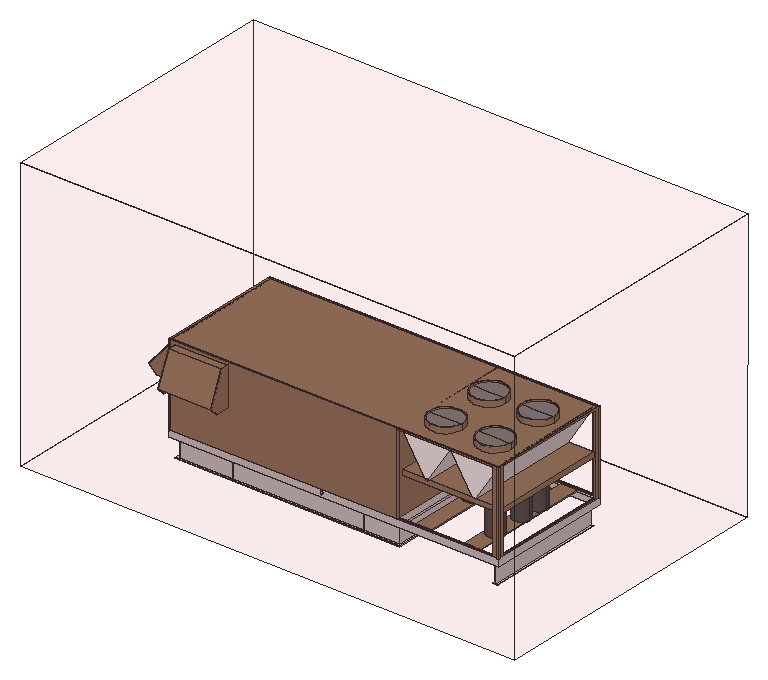
Revit family
Parameters (values of type "25 Ton - D - C - X - 208V")
  Width = 92"  # constant formula
  Water Supply Flow = 0 GPM
  Water Heating Pressure Drop [instance] = 0.00 psi
  Voltage = 208 V
  URL = "www.johnsoncontrols.com"
  Temperature Rise Range [instance] = 0 °F
  Supply Fan HP = 0 VA
  Supply Fan Full Load Current = 0 A
  Supply Air Connection Width = 71 39/64"  # constant formula
  Supply Air Connection Height = 26"  # constant formula
  Supply Air Connection Description = "Supply Air"  # constant formula
  Steam Outlet Connector Description = "Steam Out"  # constant formula
  Steam Inlet Connector Description = "Steam In"  # constant formula
  Steam Connection Diameter = 2"  # constant formula
  Steady State Efficiency [instance] = 0
  Static Resistance [instance] = 0
  Serial Number [instance] = ""
  Seasonal Energy Efficiency Rating [instance] = 0
  Right Screen Detail Width = Width - 8"  # 84"
  Return Air Dry Bulb Temperature [instance] = 68 °F
  Return Air Connection Width = 76 3/8"  # constant formula
  Return Air Connection Height = 24 115/128"  # constant formula
  Return Air Connection Description = "Return Air"  # constant formula
  Refrigerant Used = "R-410A"  # constant formula
  Refrigerant Charge System Two = 12.00 lbf
  Refrigerant Charge System Three = 10.00 lbf
  Refrigerant Charge System One = 12.00 lbf
  Refrigerant Charge System Four = 10.00 lbf
  Product Page URL = "http://www.johnsoncontrols.com/publish/us/en/products/building_efficiency/integrated_hvac_systems/Industrial___Commercial_HVAC_Equipment/single-package_units/series_40.html"
  Product Documentation Link = "http://www.johnsoncontrols.com/publish/etc/medialib/jci/be/commercial/products/industrial___commercial/single-package_units.Par.8585.File.dat/series%2040%20-V%20series.pdf"
  Power Supply Connection Diameter = 3 5/8"  # constant formula
  Power Front Connection Diameter = 2 1/2"  # constant formula
  Power Factor = 1  # constant formula
  Power Exhaust [instance] = yes
  Power Convenience Outlet [instance] = no
  Power Connector Description = "Equipment Power"  # constant formula
  Outdoor Ambient Temperature [instance] = 75 °F
  Outdoor Air Wet Bulb Temperature [instance] = 57 °F
  Operating Weight = 4410.00 lbf
  OmniClass Title = "Packaged Rooftop Air Conditioning Units"  # constant formula
  OmniClass Number = "23.75.10.24.21.27.14"  # constant formula
  Number of Poles = 3
  Nominal Cooling Capacity = 0.0 ton
  Model = "V32DX"
  Maximum Overcurrent Protection = 0 A
  Manufacturer = "Johnson Controls, Inc."  # constant formula
  Length = 240"  # constant formula
  Keynote = "15700"
  Integrated Part Load Value = 0
  Hot Gas By Pass [instance] = no
  Height = 64"  # constant formula
  Steam Connection Radius = Steam Connection Diameter / 2  # 1"
  Heating Coil Size = "22.5\" x 65\""
  Heating Coil Row Count = 2
  Heating Coil Fin Density per Inch = 16  # constant formula
  Power Front Connection Radius = Power Front Connection Diameter / 2  # 1 1/4"
  Frame Material = Metal - JCI - Steel - Galvanized With Wood Nailer
  Frame Finish = Paint - JCI - Powder Coated - Champagne
  Filter Type = "2\" TA"
  Filter Size and Quantity = "4 / 16 x 25 & 6 / 20 x 25"  # constant formula
  Family Revision Date = "06/18/2010"  # constant formula
  Exhaust Fan Type = "FC"  # constant formula
  Exhaust Fan Quantity = 1
  Exhaust Fan HP [instance] = 0 VA
  Exhaust Fan Drive = "Belt Drive"
  Exhaust Air Flow = 0 CFM
  Exhaust Air Blower Full Load Current = 0 A
  Evaporator Coil Row Count = 3
  Evaporator Coil Fins per Inch = 16  # constant formula
  Evaporator Coil Face Area = 26.00 SF
  Economizer Damper Hood Right [instance] = not(Economizer Damper Hood Left)  # yes
  Door Screen Detail Height = Height - 5 5/8"  # 58 3/8"
  External Static Pressure [instance] = 0.00 in-wg
  Energy Efficiency Rating = 10.5
  Economizer Damper Hood Left [instance] = no
  Design Supply Air Flow [instance] = 0 CFM
  Description = "Air Handling Unit, Commercial Comfort Systems, Series 40, Cooling And Steam Water Heating-End Return And Bottom Supply - 25 to 40 Ton Unit"  # constant formula
  Curb Width = 87"  # constant formula
  Curb Thicknes = 2"  # constant formula
  Curb Metal Gauge = 1/8"  # constant formula
  Curb Length = 235"  # constant formula
  Curb Height = 14"
  Curb Material = Metal - JCI - Steel - Galvanized With Wood Nailer
  Curb Exists [instance] = yes
  Copyright © = "Copyright © 2001-2009 Johnson Controls"  # constant formula
  Convenience Outlet Voltage [instance] = if(Power Convenience Outlet, 115 V, 0 V)  # 0 V
  Convenience Outlet Full Load Current = 0 A
  Convenience Outlet Connection Description [instance] = if(Power Convenience Outlet, "Convenience Electrical Connection", "Disable")  # "Disable"
  Condenser Fan Quantity = 1
  Condenser Fan HP = 0 VA
  Condenser Fan Full Load Current = 0 A
  Condenser Fan Drive Type = "Belt Drive"
  Condenser Fan Diameter = 24"
  Condenser Coils Fins per Inch = 16  # constant formula
  Condenser Coil Rows = 2
  Condenser Coil Material = Metal - JCI - Aluminum - Perforated - Micro Channel
  Condensate Drain Flow [instance] = 0 GPM
  Condensate Drain Connection Radius = Condensate Drain Connection Diameter / 2  # 3/4"
  Condensate Drain Connection Diameter = 1 1/2"  # constant formula
  Condensate Drain Connection Description = "Condensate Drain Connection"  # constant formula
  Compressor Type = "Scroll"  # constant formula
  Compressor Size = "5.7 Tons"
  Compressor Running Load Current = 0 A
  Compressor Quantity = 4
  Compressor Maximum Continuous Current = 0 A
  Compressor Material = Metal - JCI - Cast Iron - Coated Black
  Compressor Locked Rotor Current = 0 A
  Clearance Top = 120"
  Clearance Right = 60"
  Clearance Left = 60"
  Clearance Front = 60"
  Clearance Bottom [instance] = if(Curb Exists, CTRL Curb Height, 0")  # 14"
  Clearance Back = 60"
  Clearance [instance] = Include Clearance : Include Clearance
  Power Supply Connection Radius = Power Supply Connection Diameter / 2  # 1 13/16"
  CTRL Curb Height [instance] = if(Curb Exists, if(Curb Height < 9", 8", 14"), 0")  # 14"
  Assembly Code = "D3050200"
  Actual Supply Air Flow [instance] = 0 CFM
  Actual Return Air Flow [instance] = 0 CFM
  Actual Evaporator Supply Flow = 0 GPM
  Actual Evaporator Return Flow = 0 GPM
Reference planes (in)
  plane 1 "Center (Front/Back)": y = 0
  plane 2 "Curb Bottom": z = 0
  plane 3 "Center (Left/Right)": x = 0
  plane 4 "Curb Left": x = -117.5
  plane 5 "Curb Right": x = 117.5
  plane 6 "Curb Front": y = -43.5
  plane 7 "Curb Back": y = 43.5
  plane 8 "Return Air Left": x = -115.5
  plane 9 "Right Rail Center L/R": x = 115.5
  plane 10 "Curb Front Inset": y = -41.5
  plane 11 "Curb Back Inset": y = 41.5
  plane 12 "Curb Top": z = 14
  plane 13 "Curb Top Offset": z = 12.5
  plane 14 "Return Air Right": x = -76.91016
  plane 15 "Return Air Right Inset": x = -74.91016
  plane 16 "Supply Air Left": x = 18.17984
  plane 17 "Supply Air Right'": x = 44.17984
  plane 18 "Supply Air Right Offset": x = 46.17984
  plane 19 "Supply Air Left Offset": x = 16.17984
  plane 20 "Supply Air Front": y = -30.10938
  plane 21 "Supply Air Front Offset": y = -32.10938
  plane 22 "Right Rail Left": x = 113.5
  plane 23 "Right": x = 120
  plane 24 "Left": x = -120
  plane 25 "Back": y = 46
  plane 26 "Front": y = -46
  plane 27 "Center of Drain Connection L/R": x = -39.07
  plane 28 "Top of Base": z = 18.625
  plane 29 "Drain Center T/B": z = 16.3125
  plane 30 "Drain Back": y = 47
  plane 31 "Flanged Drain Left": x = -42.195
  plane 32 "Flanged Drain Right": x = -35.945
  plane 33 "Center of Electrical Connection L/R": x = -8.5
  plane 34 "Center of Electrical Connection F/B": y = -39.54
  plane 35 "Center of Connection Holes T/B": z = 17.0625
  plane 36 "Return Air Bottom": z = 20.25
  plane 37 "Center (Elevation)": z = 46
  plane 38 "Top Inset": z = 77.5
  plane 39 "Top": z = 78
  plane 40 "Top of Economizer Rain Hood": z = 76
  plane 41 "Condenser Fans Right": x = 99.66996
  plane 42 "Condenser Fans Center L/R": x = 81.83992
  plane 43 "Condenser Fans Left": x = 64.00988
  plane 44 "Condenser Fans Back": y = 15.33333
  plane 45 "Condenser Fans Front": y = -23.97667
  plane 46 "Water Outlet Center L/R": x = 41.62984
  plane 47 "Water Outlet Center F/B": y = -37.62
  plane 48 "Steam Inlet Center F/B": y = -38
  plane 49 "Steam Inlet Center L/R": x = 27.17984
  plane 50 "Return Air Top": z = 45.14844
  plane 51 "Return Air Back": y = 38.1875
  plane 52 "Return Air Front": y = -38.1875
  plane 53 "Power Convenience Outlet Center L/R": x = -14.5
  plane 54 "Power Convenience Outlet Right": x = -13.75
  plane 55 "Power Convenience Outlet Left": x = -15.25
  plane 56 "Power Convenience Outlet Bottom": z = 16.0625
  plane 57 "Power Convenience Outlet Top": z = 18.0625
  plane 58 "Power Convenience Outlet Front": y = -46.75
  plane 59 "Supply Center": x = 31.17219
  plane 60 "Supply Middle": y = 5.69027
  plane 61 "Return Center": z = 32.69922
Forms (in)
  Sweep 1, solid, material "Metal - JCI - Steel - Galvanized With Wood Nailer" <- "Curb Material", visible <- "Curb Exists", detail levels fine
    path origin (0, 0, 0) x (1, 0, 0) y (0, 1, 0)
      loop
        line (-115.5, 41.5) -> (-115.5, -41.5) -> (44.17984, -41.5) -> (44.17984, 41.5) -> (-115.5, 41.5)
    profile origin (-35.66008, 41.5, 0) x (0, 1, 0) y (0, 0, 1)
      loop
        line (0, 0) -> (2, 0) -> (2, 0.125) -> (0.125, 0.125) -> (0.125, 13.875) -> (1.875, 13.875) -> (1.875, 12.5) -> (2, 12.5) -> (2, 14) -> (0, 14) -> (0, 0)
  Extrusion 2, solid, material "Metal - JCI - Steel - Galvanized With Wood Nailer" <- "Curb Material", visible <- "Curb Exists", detail levels fine
    sketch origin (0, 0, 0) x (1, 0, 0) y (0, 0, 1)
      loop
        line (16.17984, 12.5) -> (16.30484, 12.5) -> (16.30484, 13.875) -> (18.05484, 13.875) -> (18.05484, 0.125) -> (16.17984, 0.125) -> (16.17984, 0) -> (18.17984, 0) -> (18.17984, 14) -> (16.17984, 14) -> (16.17984, 12.5)
      loop
        line (-74.91016, 12.5) -> (-74.91016, 14) -> (-76.91016, 14) -> (-76.91016, 0) -> (-74.91016, 0) -> (-74.91016, 0.125) -> (-76.78516, 0.125) -> (-76.78516, 13.875) -> (-75.03516, 13.875) -> (-75.03516, 12.5) -> (-74.91016, 12.5)
    from -41.5 to 41.5
  Extrusion 3, solid, material "Metal - JCI - Steel - Galvanized With Wood Nailer" <- "Curb Material", visible <- "Curb Exists", detail levels fine
    sketch origin (0, 0, 0) x (0, 1, 0) y (0, 0, 1)
      loop
        line (-32.10938, 0.125) -> (-32.10938, 0) -> (-30.10938, 0) -> (-30.10938, 14) -> (-32.10938, 14) -> (-32.10938, 12.5) -> (-31.98438, 12.5) -> (-31.98438, 13.875) -> (-30.23438, 13.875) -> (-30.23438, 0.125) -> (-32.10938, 0.125)
    from 18.17984 to 44.17984
  Extrusion 4, solid, material "Metal - JCI - Steel - Galvanized With Wood Nailer" <- "Curb Material", visible <- "Curb Exists", detail levels fine
    sketch origin (0, 0, 0) x (1, 0, 0) y (0, 0, 1)
      loop
        line (113.5, 0.125) -> (113.5, 0) -> (117.5, 0) -> (117.5, 0.125) -> (115.625, 0.125) -> (115.625, 13.875) -> (117.375, 13.875) -> (117.375, 12.5) -> (117.5, 12.5) -> (117.5, 14) -> (113.5, 14) -> (113.5, 12.5) -> (113.625, 12.5) -> (113.625, 13.875) -> (115.375, 13.875) -> (115.375, 0.125) -> (113.5, 0.125)
    from -43.5 to 43.5
  Extrusion 5, solid, material "Metal - JCI - Steel - Galvanized With Wood Nailer" <- "Curb Material", visible <- "Curb Exists", detail levels medium
    sketch origin (0, 0, 12.5) x (-1, 0, 0) y (0, -1, 0)
      loop
        line (117.5, -43.5) -> (117.5, 43.5) -> (-46.17984, 43.5) -> (-46.17984, -43.5) -> (117.5, -43.5)
      loop
        line (-113.5, -43.5) -> (-113.5, 43.5) -> (-117.5, 43.5) -> (-117.5, -43.5) -> (-113.5, -43.5)
    from -12.5 to 1.5
  Revolve 6, solid, material "Metal - JCI - Steel - Galvanized With Wood Nailer" <- "Curb Material", detail levels medium+fine
    sketch origin (0, 0, 16.3125) x (-1, 0, 0) y (0, -1, 0)
      loop
        line (39.07, -47) -> (39.07, -46) -> (38.32, -46) -> (38.32, -47) -> (39.07, -47)
      axis (39.07, -46) -> (39.07, -47)
    angle from 0 to 360
  Extrusion 7, solid, material "Metal - JCI - Steel - Galvanized With Wood Nailer" <- "Curb Material", detail levels medium+fine
    sketch origin (0, -43.5, 0) x (-1, 0, 0) y (0, 0, 1)
      loop
        line (42.195, 18.625) -> (35.945, 18.625) -> (35.945, 14) -> (42.195, 14) -> (42.195, 18.625)
      loop
        circle (39.07, 16.3125) r 0.75
    from 89.5 to 89.57955
  Extrusion 8, void
    sketch origin (0, -43.5, 0) x (-1, 0, 0) y (0, 0, 1)
      loop
        circle (8.5, 17.0625) r 1.25
    from -2.5 to 3.96
  Extrusion 9, void
    sketch origin (0, 0, 16.3125) x (-1, 0, 0) y (0, -1, 0)
      loop
        line (-18.17984, -41.5) -> (-18.17984, 30.10938) -> (-44.17984, 30.10938) -> (-44.17984, -41.5) -> (-18.17984, -41.5)
    from -3.8125 to -2.3125
  Extrusion 10, void
    sketch origin (0, 0, 16.3125) x (-1, 0, 0) y (0, -1, 0)
      loop
        circle (-27.17984, 38) r 1
    from -3.8125 to 2.3125
  Extrusion 11, void
    sketch origin (0, 0, 16.3125) x (-1, 0, 0) y (0, -1, 0)
      loop
        circle (-41.62984, 37.62) r 1
    from -3.8125 to 2.3125
  Extrusion 12, void
    sketch origin (0, 0, 0) x (0, 1, 0) y (0, 0, 1)
      loop
        line (38.1875, 45.14844) -> (-38.1875, 45.14844) -> (-38.1875, 20.25) -> (38.1875, 20.25) -> (38.1875, 45.14844)
    from -120 to -117.5
  Extrusion 13, solid, material "Metal - JCI - Steel - Galvanized With Wood Nailer" <- "Frame Material", visible <- "Power Convenience Outlet", detail levels medium+fine
    sketch origin (0, -43.5, 0) x (-1, 0, 0) y (0, 0, 1)
      loop
        line (15.25, 18.0625) -> (13.75, 18.0625) -> (13.75, 16.0625) -> (15.25, 16.0625) -> (15.25, 18.0625)
    from -3.25 to -2.5
Lines and regions (in)
  Masking region 1
    outline origin (0, 0, 0) x (1, 0, 0) y (0, 0, 1)
      loop
        line (113.5, 14) -> (113.5, 0) -> (117.5, 0) -> (117.5, 14) -> (113.5, 14)
      loop
        line (-117.5, 14) -> (-117.5, 0) -> (46.17984, 0) -> (46.17984, 14) -> (-117.5, 14)
  Masking region 2
    outline origin (0, 0, 0) x (0, 1, 0) y (0, 0, 1)
      loop
        line (-43.5, 14) -> (-43.5, 0) -> (43.5, 0) -> (43.5, 14) -> (-43.5, 14)
  Masking region 3, visible <- "Power Convenience Outlet", detail levels medium+fine
    outline origin (-14.5, 0, 0) x (0, -1, 0) y (0, 0, 1)
      loop
        line (46.75, 18.0625) -> (46, 18.0625) -> (46, 16.0625) -> (46.75, 16.0625) -> (46.75, 18.0625)
  Masking region 4, visible <- "Power Convenience Outlet"
    outline origin (0, -46, 0) x (-1, 0, 0) y (0, 0, 1)
      loop
        line (15.25, 18.0625) -> (13.75, 18.0625) -> (13.75, 16.0625) -> (15.25, 16.0625) -> (15.25, 18.0625)
  Masking region 5, detail levels medium+fine
    outline origin (-39.07, 0, 0) x (0, -1, 0) y (0, 0, 1)
      loop
        line (-46, 17.0625) -> (-47, 17.0625) -> (-47, 15.5625) -> (-46, 15.5625) -> (-46, 17.0625)
  Masking region 6, detail levels medium+fine
    outline origin (0, 0, 17.0625) x (-1, 0, 0) y (0, -1, 0)
      loop
        line (39.82, -47) -> (39.82, -46) -> (38.32, -46) -> (38.32, -47) -> (39.82, -47)
  model lines, style "Roof Curv", visible <- "Curb Exists", detail levels coarse
    curve 1: line (-117.5, 43.5, 0) -> (46.17984, 43.5, 0)
    curve 2: line (-117.5, 43.5, 0) -> (-117.5, -43.5, 0)
    curve 3: line (-117.5, -43.5, 0) -> (46.17984, -43.5, 0)
    curve 4: line (46.17984, 43.5, 0) -> (46.17984, -43.5, 0)
    curve 5: line (115.5, 43.5, 0) -> (115.5, -43.5, 0)
    curve 6: line (-117.5, 43.5, 14) -> (46.17984, 43.5, 14)
    curve 7: line (-117.5, -43.5, 14) -> (46.17984, -43.5, 14)
    curve 8: line (46.17984, 43.5, 14) -> (46.17984, -43.5, 14)
    curve 9: line (-117.5, 43.5, 14) -> (-117.5, -43.5, 14)
    curve 10: line (115.5, 43.5, 14) -> (115.5, -43.5, 14)
    curve 11: line (113.5, -43.5, 14) -> (117.5, -43.5, 14)
    curve 12: line (113.5, 43.5, 14) -> (117.5, 43.5, 14)
    curve 13: line (113.5, 43.5, 0) -> (117.5, 43.5, 0)
    curve 14: line (113.5, -43.5, 0) -> (117.5, -43.5, 0)
    curve 15: line (117.5, 43.5, 14) -> (117.5, 43.5, 12.5)
    curve 16: line (113.5, 43.5, 14) -> (113.5, 43.5, 12.5)
    curve 17: line (115.5, 43.5, 14) -> (115.5, 43.5, 0)
    curve 18: line (113.5, -43.5, 14) -> (113.5, -43.5, 12.5)
    curve 19: line (117.5, -43.5, 14) -> (117.5, -43.5, 12.5)
    curve 20: line (115.5, -43.5, 14) -> (115.5, -43.5, 0)
    curve 21: line (113.5, 43.5, 0) -> (113.5, -43.5, 0)
    curve 22: line (117.5, 43.5, 0) -> (117.5, -43.5, 0)
    curve 23: line (113.5, 43.5, 14) -> (113.5, -43.5, 14)
    curve 24: line (117.5, 43.5, 14) -> (117.5, -43.5, 14)
    curve 25: line (117.5, 43.5, 12.5) -> (117.5, -43.5, 12.5)
    curve 26: line (113.5, -43.5, 12.5) -> (113.5, 43.5, 12.5)
    curve 27: line (44.17984, 41.5, 14) -> (44.17984, 41.5, 0)
    curve 28: line (-115.5, 41.5, 14) -> (-115.5, 41.5, 0)
    curve 29: line (-115.5, -41.5, 14) -> (-115.5, -41.5, 0)
    curve 30: line (44.17984, -41.5, 14) -> (44.17984, -41.5, 0)
    curve 31: line (-115.5, 41.5, 0) -> (44.17984, 41.5, 0)
    curve 32: line (-115.5, -41.5, 0) -> (44.17984, -41.5, 0)
    curve 33: line (44.17984, 41.5, 0) -> (44.17984, -41.5, 0)
    curve 34: line (-115.5, 41.5, 0) -> (-115.5, -41.5, 0)
    curve 35: line (-115.5, 41.5, 14) -> (44.17984, 41.5, 14)
    curve 36: line (44.17984, 41.5, 14) -> (44.17984, -41.5, 14)
    curve 37: line (44.17984, -41.5, 14) -> (-115.5, -41.5, 14)
    curve 38: line (-115.5, -41.5, 14) -> (-115.5, 41.5, 14)
    curve 39: line (-117.5, 43.5, 14) -> (-115.5, 41.5, 14)
    curve 40: line (-117.5, -43.5, 14) -> (-115.5, -41.5, 14)
    curve 41: line (44.17984, -41.5, 14) -> (46.17984, -43.5, 14)
    curve 42: line (44.17984, 41.5, 14) -> (46.17984, 43.5, 14)
    curve 43: line (44.17984, 41.5, 0) -> (46.17984, 43.5, 0)
    curve 44: line (44.17984, -41.5, 0) -> (46.17984, -43.5, 0)
    curve 45: line (-115.5, -41.5, 0) -> (-117.5, -43.5, 0)
    curve 46: line (-115.5, 41.5, 0) -> (-117.5, 43.5, 0)
    curve 47: line (-117.5, 43.5, 14) -> (-117.5, 43.5, 12.5)
    curve 48: line (46.17984, 43.5, 14) -> (46.17984, 43.5, 12.5)
    curve 49: line (-117.5, -43.5, 14) -> (-117.5, -43.5, 12.5)
    curve 50: line (46.17984, -43.5, 14) -> (46.17984, -43.5, 12.5)
    curve 51: line (-117.5, 43.5, 12.5) -> (46.17984, 43.5, 12.5)
    curve 52: line (-117.5, -43.5, 12.5) -> (-117.5, 43.5, 12.5)
    curve 53: line (46.17984, -43.5, 12.5) -> (-117.5, -43.5, 12.5)
    curve 54: line (46.17984, 43.5, 12.5) -> (46.17984, -43.5, 12.5)
  model lines, style "Roof Curv", detail levels coarse
    curve 55: line (-39.07, 46, 16.3125) -> (-39.07, 47, 16.3125)
  symbolic lines, style "Roof Curv", detail levels coarse
    curve 56: line (-39.07, 46, 16.3125) -> (-39.07, 47, 16.3125)
    curve 57: line (-39.07, 46, 16.3125) -> (-39.07, 47, 16.3125)
  model lines, style "Frame Unit", visible <- "Power Convenience Outlet", detail levels coarse
    curve 58: line (-14.5, -46.75, 17.0625) -> (-14.5, -46, 17.0625)
    curve 60: line (-15.25, -46, 18.0625) -> (-13.75, -46, 18.0625)
    curve 61: line (-13.75, -46, 18.0625) -> (-13.75, -46, 16.0625)
    curve 62: line (-13.75, -46, 16.0625) -> (-15.25, -46, 16.0625)
    curve 63: line (-15.25, -46, 16.0625) -> (-15.25, -46, 18.0625)
  symbolic lines, style "Frame Unit", visible <- "Power Convenience Outlet", detail levels coarse
    curve 59: line (-14.5, -46.75, 17.0625) -> (-14.5, -46, 17.0625)
  symbolic lines, style "Frame Unit", detail levels coarse
    curve 64: line (-14.5, -46, 17.0625) -> (-14.5, -46.75, 17.0625)
Dimensions and locks (in)
  "Curb Thicknes": plane 9 "Right Rail Center L/R" to plane 5 "Curb Right"
  "Curb Thicknes": plane 4 "Curb Left" to plane 8 "Return Air Left"
  "Curb Height": plane 12 "Curb Top" to plane 2 "Curb Bottom"
  locked: plane 12 "Curb Top" to plane 13 "Curb Top Offset" at 1.5
  "Curb Metal Gauge": Sweep 1 sketch curve to plane 7 "Curb Back"
  "Curb Metal Gauge": plane 12 "Curb Top" to Sweep 1 sketch curve
  "Curb Metal Gauge": plane 11 "Curb Back Inset" to Sweep 1 sketch curve
  "Curb Metal Gauge": Sweep 1 sketch curve to plane 2 "Curb Bottom"
  "Curb Thicknes": plane 14 "Return Air Right" to plane 15 "Return Air Right Inset"
  locked: plane 8 "Return Air Left" to plane 14 "Return Air Right" at 38.58984
  "Supply Air Connection Height": plane 16 "Supply Air Left" to plane 17 "Supply Air Right'"
  "Curb Thicknes": plane 17 "Supply Air Right'" to plane 18 "Supply Air Right Offset"
  "Curb Thicknes": plane 19 "Supply Air Left Offset" to plane 16 "Supply Air Left"
  locked: plane 18 "Supply Air Right Offset" to plane 5 "Curb Right" at 71.32016
  "Curb Metal Gauge": plane 14 "Return Air Right" to Extrusion 2 sketch curve
  "Curb Metal Gauge": Extrusion 2 sketch curve to plane 2 "Curb Bottom"  (x2)
  "Curb Metal Gauge": Extrusion 2 sketch curve to plane 15 "Return Air Right Inset"
  "Curb Metal Gauge": plane 12 "Curb Top" to Extrusion 2 sketch curve  (x2)
  "Curb Metal Gauge": plane 19 "Supply Air Left Offset" to Extrusion 2 sketch curve
  "Curb Metal Gauge": Extrusion 2 sketch curve to plane 16 "Supply Air Left"
  "Supply Air Connection Width": plane 20 "Supply Air Front" to plane 11 "Curb Back Inset"
  "Curb Thicknes": plane 20 "Supply Air Front" to plane 21 "Supply Air Front Offset"
  "Curb Metal Gauge": Extrusion 3 sketch curve to plane 20 "Supply Air Front"
  "Curb Metal Gauge": plane 21 "Supply Air Front Offset" to Extrusion 3 sketch curve
  "Curb Metal Gauge": plane 12 "Curb Top" to Extrusion 3 sketch curve
  "Curb Metal Gauge": Extrusion 3 sketch curve to plane 2 "Curb Bottom"
  "Curb Thicknes": plane 22 "Right Rail Left" to plane 9 "Right Rail Center L/R"
  "Curb Metal Gauge": plane 12 "Curb Top" to Extrusion 4 sketch curve
  "Curb Metal Gauge": Extrusion 4 sketch curve to plane 5 "Curb Right"
  "Curb Metal Gauge": Extrusion 4 sketch curve to plane 2 "Curb Bottom"
  "Curb Metal Gauge": Extrusion 4 sketch curve to plane 9 "Right Rail Center L/R"
  "Curb Metal Gauge": plane 9 "Right Rail Center L/R" to Extrusion 4 sketch curve
  "Curb Metal Gauge": Extrusion 4 sketch curve to plane 22 "Right Rail Left"
  equal spacing: plane 24 "Left", plane 3 "Center (Left/Right)", plane 23 "Right"
  "Length": plane 24 "Left" to plane 23 "Right"
  equal spacing: plane 25 "Back", plane 1 "Center (Front/Back)", plane 26 "Front"
  "Width": plane 25 "Back" to plane 26 "Front"
  locked: plane 7 "Curb Back" to plane 25 "Back" at 2.5
  locked: plane 6 "Curb Front" to plane 26 "Front" at 2.5
  "Curb Thicknes": plane 10 "Curb Front Inset" to plane 6 "Curb Front"
  "Curb Thicknes": plane 11 "Curb Back Inset" to plane 7 "Curb Back"
  locked: plane 5 "Curb Right" to plane 23 "Right" at 2.5
  locked: plane 24 "Left" to plane 4 "Curb Left" at 2.5
  locked: plane 24 "Left" to plane 27 "Center of Drain Connection L/R" at 80.93
  locked: plane 28 "Top of Base" to plane 12 "Curb Top" at 4.625
  equal spacing: plane 28 "Top of Base", plane 29 "Drain Center T/B", plane 12 "Curb Top"
  "Condensate Drain Connection Radius": Revolve 6 sketch curve to Revolve 6 sketch curve
  locked: plane 25 "Back" to plane 30 "Drain Back" at 1
  equal spacing: plane 32 "Flanged Drain Right", plane 27 "Center of Drain Connection L/R", plane 31 "Flanged Drain Left"
  locked: plane 32 "Flanged Drain Right" to plane 31 "Flanged Drain Left" at 6.25
  "Condensate Drain Connection Radius": Extrusion 7 sketch curve to plane 29 "Drain Center T/B"
  "Condensate Drain Connection Radius": plane 27 "Center of Drain Connection L/R" to Extrusion 7 sketch curve
  locked: plane 25 "Back" to Extrusion 7 at 0.07955
  locked: plane 33 "Center of Electrical Connection L/R" to plane 23 "Right" at 128.5
  locked: plane 34 "Center of Electrical Connection F/B" to plane 26 "Front" at 6.46
  locked: plane 35 "Center of Connection Holes T/B" to plane 12 "Curb Top" at 3.0625
  "Power Front Connection Radius": plane 33 "Center of Electrical Connection L/R" to Extrusion 8 sketch curve
  "Power Front Connection Radius": plane 35 "Center of Connection Holes T/B" to Extrusion 8 sketch curve
  locked: plane 36 "Return Air Bottom" to plane 12 "Curb Top" at 6.25
  locked: plane 39 "Top" to plane 40 "Top of Economizer Rain Hood" at 2
  locked: plane 39 "Top" to plane 38 "Top Inset" at 0.5
  equal spacing: plane 39 "Top", plane 37 "Center (Elevation)", plane 12 "Curb Top"
  "Height": plane 39 "Top" to plane 12 "Curb Top"
  equal spacing: plane 18 "Supply Air Right Offset", plane 43 "Condenser Fans Left", plane 42 "Condenser Fans Center L/R", plane 41 "Condenser Fans Right", plane 5 "Curb Right"
  locked: plane 45 "Condenser Fans Front" to plane 44 "Condenser Fans Back" at 39.31
  locked: plane 44 "Condenser Fans Back" to plane 25 "Back" at 30.66667
  locked: plane 46 "Water Outlet Center L/R" to plane 17 "Supply Air Right'" at 2.55
  locked: plane 47 "Water Outlet Center F/B" to plane 26 "Front" at 8.38
  locked: plane 48 "Steam Inlet Center F/B" to plane 26 "Front" at 8
  locked: plane 16 "Supply Air Left" to plane 49 "Steam Inlet Center L/R" at 9
  "Steam Connection Radius": plane 49 "Steam Inlet Center L/R" to Extrusion 10 sketch curve
  "Steam Connection Radius": plane 48 "Steam Inlet Center F/B" to Extrusion 10 sketch curve
  "Steam Connection Radius": Extrusion 11 sketch curve to plane 47 "Water Outlet Center F/B"
  "Steam Connection Radius": plane 46 "Water Outlet Center L/R" to Extrusion 11 sketch curve
  "Return Air Connection Height": plane 50 "Return Air Top" to plane 36 "Return Air Bottom"
  "Return Air Connection Width": plane 51 "Return Air Back" to plane 52 "Return Air Front"
  equal spacing: plane 51 "Return Air Back", plane 1 "Center (Front/Back)", plane 52 "Return Air Front"
  locked: plane 53 "Power Convenience Outlet Center L/R" to plane 33 "Center of Electrical Connection L/R" at 6
  equal spacing: plane 54 "Power Convenience Outlet Right", plane 53 "Power Convenience Outlet Center L/R", plane 55 "Power Convenience Outlet Left"
  locked: plane 54 "Power Convenience Outlet Right" to plane 55 "Power Convenience Outlet Left" at 1.5
  locked: plane 57 "Power Convenience Outlet Top" to plane 56 "Power Convenience Outlet Bottom" at 2
  equal spacing: plane 57 "Power Convenience Outlet Top", plane 35 "Center of Connection Holes T/B", plane 56 "Power Convenience Outlet Bottom"
  locked: plane 58 "Power Convenience Outlet Front" to plane 26 "Front" at 0.75
  "Condensate Drain Connection Radius": plane 29 "Drain Center T/B" to Masking region 5 sketch curve
  "Condensate Drain Connection Radius": Masking region 5 sketch curve to plane 29 "Drain Center T/B"
  "Condensate Drain Connection Radius": plane 27 "Center of Drain Connection L/R" to Masking region 6 sketch curve
  "Condensate Drain Connection Radius": Masking region 6 sketch curve to plane 27 "Center of Drain Connection L/R"
  "Power Front Connection Radius": radius of Extrusion 8 sketch curve
  "Steam Connection Radius": radius of Extrusion 10 sketch curve
  "Steam Connection Radius": radius of Extrusion 11 sketch curve
  aligned and locked: plane 2 "Curb Bottom" to level
  aligned and locked: Sweep 1 sketch curve to plane 11 "Curb Back Inset"
  aligned and locked: Sweep 1 sketch curve to plane 12 "Curb Top"
  aligned and locked: plane 13 "Curb Top Offset" to Sweep 1 sketch curve
  aligned and locked: plane 11 "Curb Back Inset" to Sweep 1 sketch curve
  aligned and locked: plane 10 "Curb Front Inset" to Sweep 1 sketch curve
  aligned and locked: Sweep 1 sketch curve to plane 8 "Return Air Left"
  aligned and locked: plane 7 "Curb Back" to Sweep 1 sketch curve
  aligned and locked: Sweep 1 sketch curve to plane 2 "Curb Bottom"
  aligned and locked: plane 17 "Supply Air Right'" to Sweep 1 sketch curve
  aligned and locked: plane 16 "Supply Air Left" to Extrusion 2 sketch curve
  aligned and locked: Extrusion 2 sketch curve to plane 19 "Supply Air Left Offset"  (x2)
  aligned and locked: Extrusion 2 sketch curve to plane 12 "Curb Top"
  aligned and locked: plane 2 "Curb Bottom" to Extrusion 2 sketch curve
  aligned and locked: Extrusion 2 sketch curve to plane 15 "Return Air Right Inset"  (x2)
  aligned and locked: plane 14 "Return Air Right" to Extrusion 2 sketch curve
  aligned and locked: plane 12 "Curb Top" to Extrusion 2 sketch curve
  aligned and locked: Extrusion 2 sketch curve to plane 2 "Curb Bottom"
  aligned and locked: Extrusion 2 to plane 11 "Curb Back Inset"
  aligned and locked: Extrusion 2 to plane 10 "Curb Front Inset"
  aligned and locked: Extrusion 2 sketch curve to plane 13 "Curb Top Offset"
  aligned and locked: plane 13 "Curb Top Offset" to Extrusion 2 sketch curve
  aligned and locked: Extrusion 3 sketch curve to plane 12 "Curb Top"
  aligned and locked: plane 2 "Curb Bottom" to Extrusion 3 sketch curve
  aligned and locked: Extrusion 3 sketch curve to plane 20 "Supply Air Front"
  aligned and locked: plane 21 "Supply Air Front Offset" to Extrusion 3 sketch curve  (x2)
  aligned and locked: plane 13 "Curb Top Offset" to Extrusion 3 sketch curve
  aligned and locked: plane 16 "Supply Air Left" to Extrusion 3
  aligned and locked: Extrusion 3 to plane 17 "Supply Air Right'"
  aligned and locked: Extrusion 4 sketch curve to plane 12 "Curb Top"
  aligned and locked: plane 22 "Right Rail Left" to Extrusion 4 sketch curve  (x2)
  aligned and locked: plane 13 "Curb Top Offset" to Extrusion 4 sketch curve  (x2)
  aligned and locked: plane 5 "Curb Right" to Extrusion 4 sketch curve  (x2)
  aligned and locked: plane 2 "Curb Bottom" to Extrusion 4 sketch curve
  aligned and locked: Extrusion 4 sketch curve to Extrusion 4 sketch curve  (x2)
  aligned and locked: Extrusion 4 to plane 7 "Curb Back"
  aligned and locked: Extrusion 4 to plane 6 "Curb Front"
  aligned and locked: plane 6 "Curb Front" to curve 4
  aligned and locked: plane 7 "Curb Back" to curve 5
  aligned and locked: plane 6 "Curb Front" to curve 5
  aligned and locked: curve 5 to plane 9 "Right Rail Center L/R"
  aligned and locked: plane 18 "Supply Air Right Offset" to curve 1
  aligned and locked: plane 4 "Curb Left" to curve 3
  aligned and locked: curve 3 to plane 6 "Curb Front"
  aligned and locked: plane 4 "Curb Left" to curve 9
  aligned and locked: plane 18 "Supply Air Right Offset" to curve 7
  aligned and locked: plane 22 "Right Rail Left" to curve 11
  aligned and locked: plane 22 "Right Rail Left" to curve 14
  aligned and locked: plane 5 "Curb Right" to curve 11
  aligned and locked: plane 5 "Curb Right" to curve 14
  aligned and locked: curve 11 to plane 6 "Curb Front"
  aligned and locked: curve 14 to plane 6 "Curb Front"
  aligned and locked: plane 18 "Supply Air Right Offset" to curve 8
  aligned and locked: plane 7 "Curb Back" to curve 10
  aligned and locked: curve 10 to plane 9 "Right Rail Center L/R"
  aligned and locked: plane 5 "Curb Right" to curve 13
  aligned and locked: plane 22 "Right Rail Left" to curve 12
  aligned and locked: plane 22 "Right Rail Left" to curve 13
  aligned and locked: plane 7 "Curb Back" to curve 12
  aligned and locked: plane 7 "Curb Back" to curve 13
  aligned and locked: plane 4 "Curb Left" to curve 6
  aligned and locked: plane 4 "Curb Left" to curve 1
  aligned and locked: plane 18 "Supply Air Right Offset" to curve 6
  aligned and locked: plane 6 "Curb Front" to curve 9
  aligned and locked: plane 6 "Curb Front" to curve 2
  aligned and locked: plane 12 "Curb Top" to curve 18
  aligned and locked: plane 12 "Curb Top" to curve 16
  aligned and locked: plane 12 "Curb Top" to curve 20
  aligned and locked: plane 12 "Curb Top" to curve 17
  aligned and locked: plane 12 "Curb Top" to curve 15
  aligned and locked: plane 12 "Curb Top" to curve 19
  aligned and locked: plane 13 "Curb Top Offset" to curve 18
  aligned and locked: plane 13 "Curb Top Offset" to curve 16
  aligned and locked: plane 13 "Curb Top Offset" to curve 15
  aligned and locked: plane 13 "Curb Top Offset" to curve 19
  aligned and locked: plane 2 "Curb Bottom" to curve 20
  aligned and locked: plane 2 "Curb Bottom" to curve 17
  aligned and locked: curve 16 to plane 22 "Right Rail Left"
  aligned and locked: curve 18 to plane 22 "Right Rail Left"
  aligned and locked: plane 5 "Curb Right" to curve 15
  aligned and locked: plane 5 "Curb Right" to curve 19
  aligned and locked: curve 17 to plane 9 "Right Rail Center L/R"
  aligned and locked: curve 20 to plane 9 "Right Rail Center L/R"
  aligned and locked: plane 5 "Curb Right" to curve 24
  aligned and locked: plane 7 "Curb Back" to curve 24
  aligned and locked: plane 7 "Curb Back" to curve 23
  aligned and locked: plane 7 "Curb Back" to curve 22
  aligned and locked: plane 7 "Curb Back" to curve 21
  aligned and locked: plane 6 "Curb Front" to curve 23
  aligned and locked: plane 6 "Curb Front" to curve 24
  aligned and locked: plane 6 "Curb Front" to curve 21
  aligned and locked: plane 6 "Curb Front" to curve 22
  aligned and locked: plane 7 "Curb Back" to curve 25
  aligned and locked: plane 7 "Curb Back" to curve 26
  aligned and locked: plane 6 "Curb Front" to curve 25
  aligned and locked: plane 5 "Curb Right" to curve 25
  aligned and locked: plane 22 "Right Rail Left" to curve 26
  aligned and locked: plane 12 "Curb Top" to curve 30
  aligned and locked: plane 12 "Curb Top" to curve 27
  aligned and locked: plane 12 "Curb Top" to curve 28
  aligned and locked: plane 12 "Curb Top" to curve 29
  aligned and locked: plane 2 "Curb Bottom" to curve 29
  aligned and locked: plane 2 "Curb Bottom" to curve 28
  aligned and locked: plane 2 "Curb Bottom" to curve 30
  aligned and locked: plane 2 "Curb Bottom" to curve 27
  aligned and locked: plane 17 "Supply Air Right'" to curve 27
  aligned and locked: plane 17 "Supply Air Right'" to curve 30
  aligned and locked: plane 8 "Return Air Left" to curve 28
  aligned and locked: plane 8 "Return Air Left" to curve 29
  aligned and locked: plane 8 "Return Air Left" to curve 31
  aligned and locked: plane 17 "Supply Air Right'" to curve 35
  aligned and locked: plane 10 "Curb Front Inset" to curve 36
  aligned and locked: plane 10 "Curb Front Inset" to curve 33
  aligned and locked: plane 17 "Supply Air Right'" to curve 33
  aligned and locked: curve 32 to plane 10 "Curb Front Inset"
  aligned and locked: plane 8 "Return Air Left" to curve 32
  aligned and locked: plane 10 "Curb Front Inset" to curve 38
  aligned and locked: curve 38 to plane 8 "Return Air Left"
  aligned and locked: plane 11 "Curb Back Inset" to curve 31
  aligned and locked: plane 11 "Curb Back Inset" to curve 35
  aligned and locked: plane 8 "Return Air Left" to curve 39
  aligned and locked: plane 7 "Curb Back" to curve 39
  aligned and locked: plane 11 "Curb Back Inset" to curve 42
  aligned and locked: plane 7 "Curb Back" to curve 42
  aligned and locked: plane 7 "Curb Back" to curve 43
  aligned and locked: plane 11 "Curb Back Inset" to curve 43
  aligned and locked: plane 18 "Supply Air Right Offset" to curve 44
  aligned and locked: plane 17 "Supply Air Right'" to curve 44
  aligned and locked: plane 17 "Supply Air Right'" to curve 41
  aligned and locked: plane 4 "Curb Left" to curve 40
  aligned and locked: plane 6 "Curb Front" to curve 40
  aligned and locked: curve 46 to curve 39
  aligned and locked: plane 7 "Curb Back" to curve 46
  aligned and locked: plane 6 "Curb Front" to curve 41
  aligned and locked: plane 13 "Curb Top Offset" to curve 47
  aligned and locked: plane 13 "Curb Top Offset" to curve 49
  aligned and locked: plane 12 "Curb Top" to curve 47
  aligned and locked: plane 12 "Curb Top" to curve 49
  aligned and locked: plane 4 "Curb Left" to curve 47
  aligned and locked: plane 4 "Curb Left" to curve 49
  aligned and locked: plane 13 "Curb Top Offset" to curve 48
  aligned and locked: plane 13 "Curb Top Offset" to curve 50
  aligned and locked: plane 12 "Curb Top" to curve 50
  aligned and locked: plane 12 "Curb Top" to curve 48
  aligned and locked: plane 18 "Supply Air Right Offset" to curve 48
  aligned and locked: plane 18 "Supply Air Right Offset" to curve 50
  aligned and locked: plane 18 "Supply Air Right Offset" to curve 54
  aligned and locked: plane 7 "Curb Back" to curve 51
  aligned and locked: plane 7 "Curb Back" to curve 54
  aligned and locked: plane 6 "Curb Front" to curve 54
  aligned and locked: plane 18 "Supply Air Right Offset" to curve 53
  aligned and locked: plane 6 "Curb Front" to curve 52
  aligned and locked: plane 4 "Curb Left" to curve 53
  aligned and locked: plane 4 "Curb Left" to curve 51
  aligned and locked: plane 18 "Supply Air Right Offset" to curve 51
  aligned and locked: plane 7 "Curb Back" to curve 52
  aligned and locked: plane 7 "Curb Back" to Extrusion 5 sketch curve  (x2)
  aligned and locked: Extrusion 5 sketch curve to plane 4 "Curb Left"
  aligned and locked: plane 6 "Curb Front" to Extrusion 5 sketch curve  (x2)
  aligned and locked: plane 18 "Supply Air Right Offset" to Extrusion 5 sketch curve
  aligned and locked: plane 22 "Right Rail Left" to Extrusion 5 sketch curve
  aligned and locked: plane 5 "Curb Right" to Extrusion 5 sketch curve
  aligned and locked: Extrusion 5 to plane 2 "Curb Bottom"
  aligned and locked: plane 12 "Curb Top" to Extrusion 5
  aligned and locked: plane 27 "Center of Drain Connection L/R" to Revolve 6 sketch curve
  aligned and locked: Revolve 6 sketch curve to plane 25 "Back"
  aligned and locked: Revolve 6 sketch curve to Revolve 6 sketch curve
  aligned and locked: plane 30 "Drain Back" to Revolve 6 sketch curve
  aligned and locked: plane 25 "Back" to curve 55
  aligned and locked: plane 30 "Drain Back" to curve 55
  aligned and locked: plane 27 "Center of Drain Connection L/R" to curve 55
  aligned and locked: plane 30 "Drain Back" to curve 56
  aligned and locked: plane 25 "Back" to curve 56
  aligned and locked: plane 27 "Center of Drain Connection L/R" to curve 56
  aligned and locked: plane 30 "Drain Back" to curve 57
  aligned and locked: plane 25 "Back" to curve 57
  aligned and locked: curve 57 to plane 29 "Drain Center T/B"
  aligned and locked: plane 32 "Flanged Drain Right" to Extrusion 7 sketch curve
  aligned and locked: plane 12 "Curb Top" to Extrusion 7 sketch curve
  aligned and locked: plane 31 "Flanged Drain Left" to Extrusion 7 sketch curve
  aligned and locked: Extrusion 7 sketch curve to plane 28 "Top of Base"
  aligned and locked: plane 25 "Back" to Extrusion 7
  aligned and locked: plane 34 "Center of Electrical Connection F/B" to Extrusion 8
  aligned and locked: Extrusion 8 to plane 26 "Front"
  aligned and locked: plane 1 "Center (Front/Back)" to nested 1
  aligned and locked: plane 12 "Curb Top" to nested 1
  aligned and locked: plane 3 "Center (Left/Right)" to nested 1
  aligned and locked: Masking region 1 sketch curve to plane 12 "Curb Top"  (x2)
  aligned and locked: Masking region 1 sketch curve to plane 4 "Curb Left"
  aligned and locked: plane 2 "Curb Bottom" to Masking region 1 sketch curve  (x2)
  aligned and locked: plane 18 "Supply Air Right Offset" to Masking region 1 sketch curve
  aligned and locked: plane 5 "Curb Right" to Masking region 1 sketch curve
  aligned and locked: plane 22 "Right Rail Left" to Masking region 1 sketch curve
  aligned and locked: Masking region 2 sketch curve to plane 12 "Curb Top"
  aligned and locked: plane 7 "Curb Back" to Masking region 2 sketch curve
  aligned and locked: plane 2 "Curb Bottom" to Masking region 2 sketch curve
  aligned and locked: plane 6 "Curb Front" to Masking region 2 sketch curve
  aligned and locked: plane 11 "Curb Back Inset" to Extrusion 9 sketch curve
  aligned and locked: Extrusion 9 sketch curve to plane 16 "Supply Air Left"
  aligned and locked: plane 17 "Supply Air Right'" to Extrusion 9 sketch curve
  aligned and locked: plane 20 "Supply Air Front" to Extrusion 9 sketch curve
  aligned and locked: plane 12 "Curb Top" to Extrusion 9
  aligned and locked: Extrusion 9 to plane 13 "Curb Top Offset"
  aligned and locked: plane 1 "Center (Front/Back)" to nested 2
  aligned and locked: plane 3 "Center (Left/Right)" to nested 2
  aligned and locked: plane 12 "Curb Top" to nested 2
  aligned and locked: plane 1 "Center (Front/Back)" to nested 3
  aligned and locked: nested 3 to plane 24 "Left"
  aligned and locked: plane 40 "Top of Economizer Rain Hood" to nested 3
  aligned and locked: nested 4 to plane 8 "Return Air Left"
  aligned and locked: nested 4 to plane 25 "Back"
  aligned and locked: nested 5 to plane 8 "Return Air Left"
  aligned and locked: nested 5 to plane 26 "Front"
  aligned and locked: plane 40 "Top of Economizer Rain Hood" to nested 4
  aligned and locked: plane 38 "Top Inset" to nested 6
  aligned and locked: nested 6 to plane 42 "Condenser Fans Center L/R"
  aligned and locked: nested 7 to plane 43 "Condenser Fans Left"
  aligned and locked: plane 1 "Center (Front/Back)" to nested 7
  aligned and locked: plane 45 "Condenser Fans Front" to nested 10
  aligned and locked: plane 1 "Center (Front/Back)" to nested 9
  aligned and locked: plane 44 "Condenser Fans Back" to nested 8
  aligned and locked: nested 8 to plane 41 "Condenser Fans Right"
  aligned and locked: nested 9 to plane 41 "Condenser Fans Right"
  aligned and locked: nested 10 to plane 41 "Condenser Fans Right"
  aligned and locked: plane 28 "Top of Base" to nested 10
  aligned and locked: plane 28 "Top of Base" to nested 9
  aligned and locked: plane 28 "Top of Base" to nested 8
  aligned and locked: plane 28 "Top of Base" to nested 7
  aligned and locked: plane 1 "Center (Front/Back)" to nested 6
  aligned and locked: nested 11 to plane 43 "Condenser Fans Left"
  aligned and locked: nested 14 to plane 43 "Condenser Fans Left"
  aligned and locked: plane 44 "Condenser Fans Back" to nested 12
  aligned and locked: plane 44 "Condenser Fans Back" to nested 11
  aligned and locked: nested 12 to plane 41 "Condenser Fans Right"
  aligned and locked: nested 13 to plane 41 "Condenser Fans Right"
  aligned and locked: plane 45 "Condenser Fans Front" to nested 13
  aligned and locked: plane 45 "Condenser Fans Front" to nested 14
  aligned and locked: plane 39 "Top" to nested 13
  aligned and locked: plane 39 "Top" to nested 12
  aligned and locked: plane 39 "Top" to nested 14
  aligned and locked: plane 39 "Top" to nested 11
  aligned and locked: plane 40 "Top of Economizer Rain Hood" to nested 5
  aligned and locked: plane 38 "Top Inset" to nested 15
  aligned and locked: plane 18 "Supply Air Right Offset" to nested 15
  aligned and locked: plane 38 "Top Inset" to nested 16
  aligned and locked: plane 18 "Supply Air Right Offset" to nested 16
  aligned and locked: plane 38 "Top Inset" to nested 17
  aligned and locked: nested 17 to plane 1 "Center (Front/Back)"
  aligned and locked: plane 28 "Top of Base" to Extrusion 10
  aligned and locked: Extrusion 10 to plane 13 "Curb Top Offset"
  aligned and locked: plane 28 "Top of Base" to Extrusion 11
  aligned and locked: Extrusion 11 to plane 13 "Curb Top Offset"
  aligned and locked: Extrusion 12 sketch curve to plane 50 "Return Air Top"
  aligned and locked: plane 52 "Return Air Front" to Extrusion 12 sketch curve
  aligned and locked: plane 36 "Return Air Bottom" to Extrusion 12 sketch curve
  aligned and locked: plane 51 "Return Air Back" to Extrusion 12 sketch curve
  aligned and locked: Extrusion 12 to plane 4 "Curb Left"
  aligned and locked: Extrusion 12 to plane 24 "Left"
  aligned and locked: plane 57 "Power Convenience Outlet Top" to Extrusion 13 sketch curve
  aligned and locked: plane 56 "Power Convenience Outlet Bottom" to Extrusion 13 sketch curve
  aligned and locked: plane 54 "Power Convenience Outlet Right" to Extrusion 13 sketch curve
  aligned and locked: plane 55 "Power Convenience Outlet Left" to Extrusion 13 sketch curve
  aligned and locked: plane 26 "Front" to Extrusion 13
  aligned and locked: Extrusion 13 to plane 58 "Power Convenience Outlet Front"
  aligned and locked: Masking region 3 sketch curve to plane 26 "Front"
  aligned and locked: plane 56 "Power Convenience Outlet Bottom" to Masking region 3 sketch curve
  aligned and locked: plane 57 "Power Convenience Outlet Top" to Masking region 3 sketch curve
  aligned and locked: plane 58 "Power Convenience Outlet Front" to Masking region 3 sketch curve
  aligned and locked: curve 58 to plane 35 "Center of Connection Holes T/B"
  aligned and locked: plane 26 "Front" to curve 58
  aligned and locked: plane 58 "Power Convenience Outlet Front" to curve 58
  aligned and locked: curve 59 to plane 35 "Center of Connection Holes T/B"
  aligned and locked: plane 26 "Front" to curve 59
  aligned and locked: plane 58 "Power Convenience Outlet Front" to curve 59
  aligned and locked: plane 56 "Power Convenience Outlet Bottom" to Masking region 4 sketch curve
  aligned and locked: plane 57 "Power Convenience Outlet Top" to Masking region 4 sketch curve
  aligned and locked: plane 54 "Power Convenience Outlet Right" to Masking region 4 sketch curve
  aligned and locked: plane 55 "Power Convenience Outlet Left" to Masking region 4 sketch curve
  aligned and locked: plane 55 "Power Convenience Outlet Left" to curve 60
  aligned and locked: plane 56 "Power Convenience Outlet Bottom" to curve 63
  aligned and locked: plane 54 "Power Convenience Outlet Right" to curve 62
  aligned and locked: plane 57 "Power Convenience Outlet Top" to curve 61
  aligned and locked: plane 55 "Power Convenience Outlet Left" to curve 63
  aligned and locked: plane 56 "Power Convenience Outlet Bottom" to curve 62
  aligned and locked: plane 54 "Power Convenience Outlet Right" to curve 61
  aligned and locked: plane 57 "Power Convenience Outlet Top" to curve 60
  aligned and locked: plane 56 "Power Convenience Outlet Bottom" to curve 61
  aligned and locked: plane 57 "Power Convenience Outlet Top" to curve 63
  aligned and locked: plane 55 "Power Convenience Outlet Left" to curve 62
  aligned and locked: plane 53 "Power Convenience Outlet Center L/R" to curve 64
  aligned and locked: plane 26 "Front" to curve 64
  aligned and locked: plane 58 "Power Convenience Outlet Front" to curve 64
  aligned and locked: Masking region 5 sketch curve to plane 25 "Back"
  aligned and locked: plane 30 "Drain Back" to Masking region 5 sketch curve
  aligned and locked: Masking region 6 sketch curve to plane 25 "Back"
  aligned and locked: plane 30 "Drain Back" to Masking region 6 sketch curve
Automatic sketch dimensions
  Sweep 1 sketch curve to Sweep 1 sketch curve = 1/8"
  Revolve 6 sketch curve to Revolve 6 sketch curve = 221.22273"
  Revolve 6 sketch curve to plane 26 "Front" = 247.80412"
  curve 26 to plane 6 "Curb Front" = 0"
  Extrusion 7 sketch curve to plane 29 "Drain Center T/B" = 0"
Nested families (in)
  nested 1: "Commercial_Comfort_Systems-Series_40-JCI-Unit_Cabinet-End_Return_Bottom_Supply-Steam_Heating" at (-0.00031, 0, 14), type "Frame Unit"
  nested 2: "Include Clearance" at (0, 0, 14), type <- "Clearance", type "Include Clearance"
    with Width 240", Height 64", Depth 92", Clearance Top 120", Clearance Right 60", Clearance Left 60", Clearance Front 60", Clearance Bottom 14", Clearance Back 60"
  nested 3: "Commercial_Comfort_Systems-Series_40-JCI-Exhaust_Standard" at (-120, 0, 46.90625) x (0, -1, 0) z (0, 0, 1), type "Exhaust"
  nested 4: "Commercial_Comfort_Systems-Series_40-JCI-Economizer_Hood" at (-96.20508, 46, 47.90625) x (-1, 0, 0) z (0, 0, 1), Economizer Hood <- "Economizer Damper Hood Left", type "Economizer"
    with Economizer Hood no, Cap yes
  nested 5: "Commercial_Comfort_Systems-Series_40-JCI-Economizer_Hood" at (-96.20508, -46, 47.90625), Economizer Hood <- "Economizer Damper Hood Right", type "Economizer"
    with Economizer Hood yes, Cap no
  nested 6: "Commercial_Comfort_Systems-Series_40-JCI-Condenser_Coil" at (81.83992, 0, 48.125), type "Condenser_Coil"
    with Width 69", Height 29 3/8"
  nested 7: "Commercial_Comfort_Systems-Series_40-JCI-Compressor" at (64.00988, 0, 18.625), type "Compressor"
  nested 8: "Commercial_Comfort_Systems-Series_40-JCI-Compressor" at (99.66996, 15.33333, 18.625), type "Compressor"
  nested 9: "Commercial_Comfort_Systems-Series_40-JCI-Compressor" at (99.66996, 0, 18.625), type "Compressor"
  nested 10: "Commercial_Comfort_Systems-Series_40-JCI-Compressor" at (99.66996, -23.97667, 18.625), type "Compressor"
  nested 11: "Commercial_Comfort_Systems-Series_40-JCI-Condenser_Fan_1" at (64.00988, 15.33333, 78), type "Fan", detail levels medium+fine
    with Radius 2 11 3/4", Radius 12", Diameter 24", 30 inch fan no
  nested 12: "Commercial_Comfort_Systems-Series_40-JCI-Condenser_Fan_1" at (99.66996, 15.33333, 78), type "Fan", detail levels medium+fine
    with Radius 2 11 3/4", Radius 12", Diameter 24", 30 inch fan no
  nested 13: "Commercial_Comfort_Systems-Series_40-JCI-Condenser_Fan_1" at (99.66996, -23.97667, 78), type "Fan", detail levels medium+fine
    with Radius 2 11 3/4", Radius 12", Diameter 24", 30 inch fan no
  nested 14: "Commercial_Comfort_Systems-Series_40-JCI-Condenser_Fan_1" at (64.00988, -23.97667, 78), type "Fan", detail levels medium+fine
    with Radius 2 11 3/4", Radius 12", Diameter 24", 30 inch fan no
  nested 15: "Commercial_Comfort_Systems-Series_40-JCI-Screen_Door_Detail" at (80.83609, -43.5, 48.3125) x (1, 0, 0) z (0, 1, 0), type "Screen Front", detail levels fine
    with Width 69 5/16", Depth 58 3/8"
  nested 16: "Commercial_Comfort_Systems-Series_40-JCI-Screen_Door_Detail" at (80.83609, 0, 48.3125) x (-1, 0, 0) z (0, -1, 0), type "Screen Front", detail levels fine
    with Width 69 5/16", Depth 58 3/8"
  nested 17: "Commercial_Comfort_Systems-Series_40-JCI-Screen_Door_Detail" at (120, 0, 48.3125) x (0, 1, 0) z (1, 0, 0), type "Screen Right", detail levels fine
    with Width 84", Depth 58 3/8"
Connectors (in)
  piping at (-39.07, 47, 16.3125), driven by "Condensate Drain Flow", driven by "Condensate Drain Connection Radius", driven by "Condensate Drain Connection Description"
    settings: on Revolve 6, index 1
  electrical at (-8.5, -46, 17.0625), driven by "Power Factor", driven by "Voltage", driven by "Number of Poles", driven by "Power Connector Description"
    settings: on Extrusion 8, index 2
  hvac at (31.17984, 5.69531, 12.5), driven by "Supply Air Connection Height", driven by "Supply Air Connection Width", driven by "Supply Air Connection Description", driven by "Actual Supply Air Flow"
    settings: on Extrusion 9, index 3
  piping at (27.17984, -38, 12.5), driven by "Actual Evaporator Supply Flow", driven by "Water Heating Pressure Drop", driven by "Steam Connection Radius", driven by "Steam Inlet Connector Description"
    settings: on Extrusion 10, index 5
  piping at (41.62984, -37.62, 12.5), driven by "Water Heating Pressure Drop", driven by "Steam Connection Radius", driven by "Steam Outlet Connector Description", driven by "Actual Evaporator Return Flow"
    settings: on Extrusion 11, index 7
  hvac at (-120, 0, 32.69922), driven by "Actual Return Air Flow", driven by "Return Air Connection Height", driven by "Return Air Connection Width", driven by "Return Air Connection Description"
    settings: on Extrusion 12, index 8
  electrical at (-14.5, -46.75, 17.0625), driven by "Power Factor", driven by "Convenience Outlet Voltage", driven by "Number of Poles", driven by "Convenience Outlet Connection Description"
    settings: on Extrusion 13, index 9
Definition of nested family "Commercial_Comfort_Systems-Series_40-JCI-Unit_Cabinet-End_Return_Bottom_Supply-Steam_Heating"
  Parameters (values of type "Frame Unit")
    Width = 92"
    Water Connection Radius = 1"
    URL = "www.johnsoncontrols.com"
    Product Documentation Link = "http://www.johnsoncontrols.com/publish/us/en/products/building_efficiency/integrated_hvac_systems/Industrial___Commercial_HVAC_Equipment/single-package_units/series_40.html"
    Model = "V32DX"
    Manufacturer = "Johnson Controls"  # constant formula
    Length = 240"
    Height = 64"
    Electric Connection Radius = 1 13/16"
    Front Electric Connection Radius = 1 1/4"
    Frame Finish = Paint - JCI - Powder Coated - Champagne
    Description = "Series 40 Single Package RoofTop Units with End Return Bottom Supply - Cooling and Steam Heating"
    Copyright © = "© 2009, Johnson Controls, Inc"  # constant formula
    Base Finish = Metal - JCI - Steel - Galvanized With Wood Nailer
    Assembly Code = ""
  Types (2): name | Water Connection Radius | Model | Description
    Frame Unit | 1" | "V32DX" | "Series 40 Single Package RoofTop Units with End Return Bottom Supply - Cooling and Steam Heating"
    20 | 2" | "V32AE" | "Series 40 Single Package RoofTop Units with Bottom Supply And Return - Electric Heating"
  Reference planes (in)
    plane 1 "Center (Front/Back)": y = 0
    plane 2 "Bottom of Unit": z = 4.625
    plane 3 "Center (Left/Right)": x = 0.00031
    plane 4 "Left of Unit": x = -119.99969
    plane 5 "Right of Unit": x = 120.00031
    plane 6 "Front of Unit": y = -46
    plane 7 "Back of Unit": y = 46
    plane 8 "Top of Unit": z = 64
    plane 9 "Left Inset": x = -118.99969
    plane 10 "Filters and Driers Right": x = 115.50031
    plane 11 "Top Inset": z = 63.5
    plane 12 "Filters and Driers Left": x = 46.18781
    plane 13 "Front Inset": y = -45
    plane 14 "Exhaust Air Front": y = -39.5
    plane 15 "Exhaust Air Back": y = 39.5
    plane 16 "Back Of Unit Inset": y = 45
    plane 17 "Inner Cabinette Wall": x = 119.00031
    plane 18 "Bottom Inset": z = 5.125
    plane 19 "Center (Elevation)": z = 32
    plane 20 "Base Bottom": z = 0
    plane 21 "Open Right": x = 117.50031
    plane 22 "Supply Air Right": x = 44.18781
    plane 23 "Supply Air Left": x = 18.18781
    plane 24 "Supply Air Back": y = 41.5
    plane 25 "Supply Air Front": y = -30.10938
    plane 26 "Open Back": y = 44
    plane 27 "Open Front": y = -44
    plane 28 "Right Condenser Fans": x = 99.53156
    plane 29 "Fan Front": y = -23.97667
    plane 30 "Fan Back": y = 15.33333
    plane 31 "Center of Economizer L/R": x = -96.20477
    plane 32 "Exhaust Air Bottom": z = 33.89844
    plane 33 "Left Condenser Fans": x = 64.11156
    plane 34 "Compressor Acces Front": y = -42
    plane 35 "Compressor Access Back": y = 42
    plane 36 "Condenser Base": z = 35.625
    plane 37 "Rain Hood Left": x = -115.49969
    plane 38 "Rain Hood Right": x = -76.90984
    plane 39 "Return Air Bottom": z = 6.25
    plane 40 "Economizer Top": z = 62
    plane 41 "Return Air Front": y = -38.1875
    plane 42 "Return Air Back": y = 38.1875
    plane 43 "Return Air Top": z = 31.14844
    plane 44 "Center of Conection Opening": z = 3.0625
    plane 45 "Electrical Connection L/R": x = -8.49969
    plane 46 "Electrical Connectio F/B": y = -39.54
    plane 47 "Center of Condenser Fans L/R": x = 81.84406
    plane 48 "Center L/R of Water Inlet": x = 20.43781
    plane 49 "Water Inlet Center F/B": y = -34.12109
    plane 50 "Center L/R of Steam Pipe Inlet": x = 27.18781
    plane 51 "Center F/B of Steam Pipe Inlet": y = -38
    plane 52 "Center L/R of Steam Pipe Outlet": x = 41.63781
    plane 53 "Center F/B of Steam Pipe Outlet": y = -37.62
  Forms (in)
    Extrusion 1, solid, material "Paint - JCI - Powder Coated - Champagne" <- "Frame Finish", detail levels medium+fine
      sketch origin (0, 0, 0) x (1, 0, 0) y (0, 0, 1)
        loop
          line (-119.99969, 64) -> (-119.99969, 4.625) -> (120.00031, 4.625) -> (120.00031, 64) -> (-119.99969, 64)
        loop
          line (46.18781, 63.5) -> (46.18781, 5.125) -> (115.50031, 5.125) -> (115.50031, 63.5) -> (46.18781, 63.5)
        loop
          line (-115.49969, 62) -> (-115.49969, 33.89844) -> (-76.90984, 33.89844) -> (-76.90984, 62) -> (-115.49969, 62)
      from 45 to 46
    Extrusion 2, solid, material "Paint - JCI - Powder Coated - Champagne" <- "Frame Finish", detail levels medium+fine
      sketch origin (0.00031, 0, 0) x (0, 1, 0) y (0, 0, 1)
        loop
          line (-46, 64) -> (-46, 4.625) -> (46, 4.625) -> (46, 64) -> (-46, 64)
        loop
          line (-42, 63.5) -> (-42, 5.125) -> (42, 5.125) -> (42, 63.5) -> (-42, 63.5)
      from 119 to 120
    Extrusion 3, solid, material "Paint - JCI - Powder Coated - Champagne" <- "Frame Finish", detail levels medium+fine
      sketch origin (0, 0, 0) x (1, 0, 0) y (0, 0, 1)
        loop
          line (-119.99969, 64) -> (-119.99969, 4.625) -> (120.00031, 4.625) -> (120.00031, 64) -> (-119.99969, 64)
        loop
          line (46.18781, 63.5) -> (46.18781, 5.125) -> (115.50031, 5.125) -> (115.50031, 63.5) -> (46.18781, 63.5)
        loop
          line (-115.49969, 62) -> (-115.49969, 33.89844) -> (-76.90984, 33.89844) -> (-76.90984, 62) -> (-115.49969, 62)
      from -46 to -45
    Extrusion 4, solid, material "Paint - JCI - Powder Coated - Champagne" <- "Frame Finish", detail levels medium+fine
      sketch origin (0.00031, 0, 0) x (0, 1, 0) y (0, 0, 1)
        loop
          line (-46, 64) -> (-46, 4.625) -> (46, 4.625) -> (46, 64) -> (-46, 64)
        loop
          line (-39.5, 62) -> (-39.5, 33.89844) -> (39.5, 33.89844) -> (39.5, 62) -> (-39.5, 62)
        loop
          line (38.1875, 31.14844) -> (-38.1875, 31.14844) -> (-38.1875, 6.25) -> (38.1875, 6.25) -> (38.1875, 31.14844)
      from -120 to -119
    Extrusion 5, solid, material "Paint - JCI - Powder Coated - Champagne" <- "Frame Finish", detail levels medium+fine
      sketch origin (0, 0, 0) x (1, 0, 0) y (0, 1, 0)
        loop
          line (-118.99969, 45) -> (-118.99969, -45) -> (119.00031, -45) -> (119.00031, 45) -> (-118.99969, 45)
      from 63.5 to 64
    Extrusion 6, solid, material "Metal - JCI - Steel - Galvanized With Wood Nailer" <- "Base Finish", detail levels medium+fine
      sketch origin (0, 0, 0) x (1, 0, 0) y (0, 1, 0)
        loop
          line (-119.99969, 46) -> (-119.99969, -46) -> (120.00031, -46) -> (120.00031, 46) -> (-119.99969, 46)
        loop
          line (46.18781, 44) -> (46.18781, -44) -> (117.50031, -44) -> (117.50031, 44) -> (46.18781, 44)
        loop
          line (18.18781, 41.5) -> (18.18781, -30.10938) -> (44.18781, -30.10938) -> (44.18781, 41.5) -> (18.18781, 41.5)
      from 0 to 4.625
    Extrusion 7, solid, material "Paint - JCI - Powder Coated - Champagne" <- "Frame Finish", detail levels medium+fine
      sketch origin (0, 0, 0) x (1, 0, 0) y (0, 0, 1)
        loop
          line (46.18781, 35.625) -> (46.18781, 32) -> (119.00031, 32) -> (119.00031, 35.625) -> (46.18781, 35.625)
      from -42 to 42
    Extrusion 8, solid, material "Paint - JCI - Powder Coated - Champagne" <- "Frame Finish", detail levels medium+fine
      sketch origin (0, 0, 0) x (1, 0, 0) y (0, 0, 1)
        loop
          line (45.18781, 63.5) -> (45.18781, 5.125) -> (46.18781, 5.125) -> (46.18781, 63.5) -> (45.18781, 63.5)
      from -45 to 45
    Extrusion 9, solid, material "Paint - JCI - Powder Coated - Champagne" <- "Frame Finish", detail levels medium+fine
      sketch origin (0, 0, 0) x (1, 0, 0) y (0, 1, 0)
        loop
          line (93.53156, 44) -> (93.53156, -44) -> (105.53156, -44) -> (105.53156, 44) -> (93.53156, 44)
        loop
          line (58.11156, 44) -> (58.11156, -44) -> (70.11156, -44) -> (70.11156, 44) -> (58.11156, 44)
      from 4.625 to 5.125
    Extrusion 10, void, detail levels medium+fine
      sketch origin (0, -46, 0) x (-1, 0, 0) y (0, 0, 1)
        loop
          circle (8.49969, 3.0625) r 1.25
      from 0 to 6.46
    Revolve 11, void, detail levels medium+fine
      sketch origin (0, -39.54, 0) x (-1, 0, 0) y (0, 0, 1)
        loop
          line (6.68719, 5.125) -> (6.68719, 0) -> (8.49969, 0) -> (8.49969, 5.125) -> (6.68719, 5.125)
        axis (8.49969, 0) -> (8.49969, 5.125)
      angle from 0 to 360
    Extrusion 12, solid, material "Metal - JCI - Steel - Galvanized - Screen", detail levels fine
      sketch origin (0, 0, 0) x (1, 0, 0) y (0, 1, 0)
        loop
          line (46.18781, 46) -> (46.18781, 45) -> (115.50031, 45) -> (115.50031, 46) -> (46.18781, 46)
        loop
          line (119.00031, 42) -> (119.00031, -42) -> (120.00031, -42) -> (120.00031, 42) -> (119.00031, 42)
        loop
          line (46.18781, -45) -> (46.18781, -46) -> (115.50031, -46) -> (115.50031, -45) -> (46.18781, -45)
      from 5.125 to 63.5
    Revolve 13, void
      sketch origin (0, -34.12109, 0) x (-1, 0, 0) y (0, 0, 1)
        loop
          line (-20.43781, 4.625) -> (-21.43781, 4.625) -> (-21.43781, 0) -> (-20.43781, 0) -> (-20.43781, 4.625)
        axis (-20.43781, 0) -> (-20.43781, 4.625)
      angle from 0 to 360
    Extrusion 14, void
      sketch origin (0, 0, 0) x (1, 0, 0) y (0, 1, 0)
        loop
          circle (27.18781, -38) r 1
